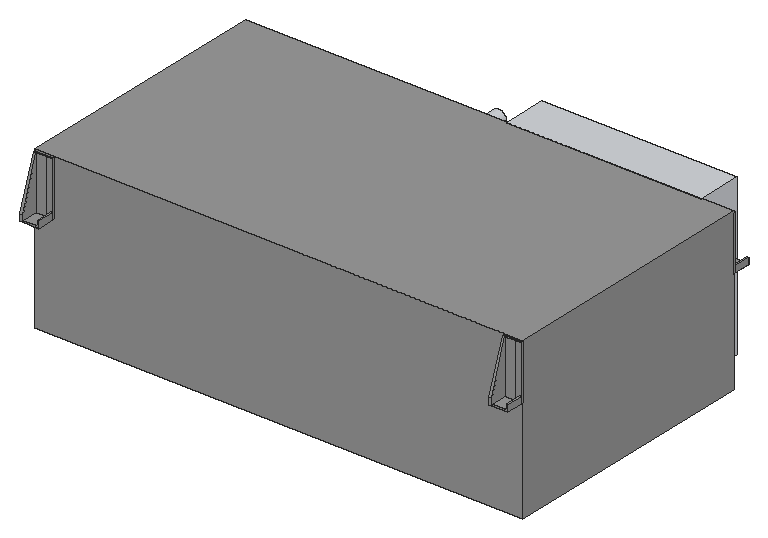
Revit family "НЕВАТОМ_Neiva 2 подвесная С-W-R 600, Версия 2", category Оборудование, Revit 2017
Family settings
  Размер круглого соединителя = Использовать диаметр
  Тип детали = Нормальный
  На основе рабочей плоскости = Да
  Всегда вертикально = Нет
  При загрузке вырезать с полостями = Нет
  Общий = Нет
  Точка расчета площади = Нет
Parameters (values of type "C-600-W-R")
  расстояние справа от щита = 592 mm
  расстояние до щита = 0 mm
  п5 = 468 mm
  п4 = 418 mm
  п3 = 230 mm
  п2 = 178 mm
  п1 = 128 mm
  длина щита = 440 mm
  длина ПВУ = 1100 mm
  глубина щита = 100 mm
  глубина ПВУ = 594 mm
  высота щита = 360 mm
  высота ПВУ = 360 mm
  вводный канал с = 945 mm
  вводный канал а = 946 mm
  вводный канал d = 255.081 mm
  вводный канал b = 68 mm
  Питание, В = "220"
  Default Elevation = 0 mm
  А6 = 270 mm
  s = 16.514 mm
  m = 38.324 mm
  k  длина = 313 mm
  g6 = 200 mm
  g5 = 240 mm
  g4 = 75 mm
  g3 = 130 mm
  g1 = 18 mm
  f6 = 24.614 mm
  f5 = 64.614 mm
  f4 = 63.91 mm
  f3 = 44.614 mm
  f2 = 44.614 mm
  f1 = 39.65 mm
  d вниз = 60 mm
  c низ влево = 620 mm
  b4 = 75 mm
  b3 = 126 mm
  b2 = 174 mm
  b1 = 272 mm
  b вверх = 80 mm
  a влево = 578 mm
  PG = 0 mm
  Nevatom_Регулятор воздуха = ""
  Nevatom_Производительность = ""
  Nevatom_Напорная характеристика, Р1 = 200.0 Pa
  Nevatom_Напорная характеристика, P = 0.0 Pa
  Nevatom_Мощность нагревателя = 0 W
  Nevatom_Для задания электроснабжения = ""
  Nevatom_URL = ""
  Nevatom_Q1, м³/ч = 2880.0 m³/h
  Nevatom_Q, м³/ч = 1800.0 m³/h
  ADSK_Ток = 1.26 A
  ADSK_Температура воздуха на выходе из нагревателя = 70 °C
  ADSK_Температура воздуха на входе в нагреватель = 90 °C
  ADSK_Расход жидкости = 0.62 m³/h
  ADSK_Расход воздуха = 0.0 m³/h
  ADSK_Размер_Ширина = глубина ПВУ  # 594 mm
  ADSK_Размер_Длина = длина ПВУ  # 1100 mm
  ADSK_Размер_Высота = высота ПВУ  # 360 mm
  ADSK_Потеря давления воздуха = 0.0 Pa
  ADSK_Полная мощность = ADSK_Номинальная мощность / ADSK_Коэффициент мощности  # 210 VA
  ADSK_Позиция = ""
  ADSK_Номинальная мощность = 168 W
  ADSK_Напряжение = 220 V
  ADSK_Наименование = "C-600-W-R"
  ADSK_Материал наименование = "сталь оцинкованная крашенная"
  ADSK_Марка = "C-600-W-R"
  ADSK_Коэффициент мощности = 0.8  # constant formula
  ADSK_Количество фаз числовое = 3
  ADSK_Количество фаз = 3
  ADSK_Количество = 1  # constant formula
  ADSK_Код изделия = ""
  ADSK_Завод-изготовитель = "НЕВАТОМ"  # constant formula
  ADSK_Единица измерения = "шт"
  A1 = 500 mm
Reference planes
  plane 1 "По центру (Вперед/Назад)": y = 0
  plane 2: z = 0
  plane 3 "По центру (Влево/Вправо)": x = 0
  plane 4: y = 682.601
  plane 5: y = 88.601
  plane 6: x = -730
  plane 7: x = 370
  plane 8: y = -11.399
  plane 9: x = -662
  plane 10: z = 360
  plane 11: x = -222
  plane 12: z = 0
  plane 13: z = 0
  plane 14: z = 360
  plane 15: y = 682.601
Forms (mm)
  Extrusion 1, solid, material "Сталь, окрашенная, слоновая кость, матовая"
    sketch origin (0, 0, 0) x (1, 0, 0) y (0, 1, 0)
      loop
        line (-730, 682.601) -> (-730, 88.601) -> (370, 88.601) -> (370, 682.601) -> (-730, 682.601)
    from 0 to 360
  Extrusion 2, solid
    sketch origin (520, 771.201, 0) x (1, 0, 0) y (0, 1, 0)
      loop
        line (-662, 11.399) -> (-662, -88.601) -> (-222, -88.601) -> (-222, 11.399) -> (-662, 11.399)
    from 0 to 360
Dimensions and locks
  plane 6 to plane 3 "По центру (Влево/Вправо)" to plane 7 = 730 mm, 370 mm
  "длина ПВУ": plane 6 to plane 7
  plane 4 to plane 5 to plane 1 "По центру (Вперед/Назад)" = 594 mm, 88.601 mm
  "глубина ПВУ": plane 4 to plane 5
  "глубина щита": plane 5 to plane 8
  "расстояние справа от щита": plane 11 to plane 7
  "высота ПВУ": plane 10 to level
  plane 12 to level = 0 mm
  "расстояние до щита": plane 13 to plane 12
  "высота щита": plane 14 to plane 13
  "длина щита": plane 11 to plane 9
  aligned and locked: level to plane 2
  aligned and locked: Extrusion 1 sketch curve to plane 4
  aligned and locked: plane 6 to Extrusion 1 sketch curve
  aligned and locked: Extrusion 1 sketch curve to plane 7
  aligned and locked: Extrusion 1 to plane 5
  aligned and locked: Extrusion 1 to plane 10
Automatic sketch dimensions
  Extrusion 1 sketch curve to plane 5 = 0 mm
  Extrusion 2 sketch curve to plane 4 = 0 mm
  plane 11 to Extrusion 2 sketch curve = 80 mm
  Extrusion 2 sketch curve to plane 7 = 72 mm
  plane 4 to Extrusion 2 sketch curve = 100 mm
Nested families
  nested 1: "кронштейн" at (-707.156, 69.201, 360) x (1, 0, 0) z (0, 0, -1), type "кронштейн"
  nested 2: "кронштейн" at (350.844, 69.201, 360) x (1, 0, 0) z (0, 0, -1), type "кронштейн"
  nested 3: "кронштейн" at (-707.156, 702, 360) x (1, 0, 0) z (0, 0, -1), type "кронштейн"
  nested 4: "кронштейн" at (350.844, 702, 360) x (1, 0, 0) z (0, 0, -1), type "кронштейн"
  nested 5: "патрубок NWP" at (-252, 682.601, 280) x (1, 0, 0) z (0, 1, 0), type "патрубок NWP"
  nested 6: "патрубок NWP" at (-210, 682.601, 60) x (1, 0, 0) z (0, 1, 0), type "патрубок NWP"
  nested 7: "кабельный ввод PG16" at (-142, 732.601, 174) x (0, 1, 0) z (-1, 0, 0), type "PG16"
  nested 8: "кабельный ввод PG16" at (-142, 732.601, 50) x (0, 1, 0) z (-1, 0, 0), type "PG16"
  nested 9: "кабельный ввод PG11" at (-142, 731.879, 130) x (0, 1, 0) z (-1, 0, 0), type "PG11"
  nested 10: "кабельный ввод PG16" at (-142, 732.601, 217.296) x (0, 1, 0) z (-1, 0, 0), type "PG16"
  nested 11: "кабельный ввод PG16" at (-142, 732.601, 260.592) x (0, 1, 0) z (-1, 0, 0), type "PG16"
  nested 12: "выключатель пластик" at (293, 738.015, 125) x (0, -1, 0) z (1, 0, 0), type "выключатель пластик"
  nested 13: "кабельный ввод PG16" at (298, 732.601, 40) x (0, 1, 0) z (1, 0, 0), type "PG16"
  nested 14: "кабельный ввод PG21" at (208, 727.001, 0) x (-1, 0, 0) z (0, 0, -1), type "PG21"
  nested 15: "кабельный ввод PG11" at (148, 727.001, 0) x (-1, 0, 0) z (0, 0, -1), type "PG11"
  nested 16: "кабельный ввод PG11" at (78, 727.001, 0) x (-1, 0, 0) z (0, 0, -1), type "PG11"
  nested 17: "кабельный ввод PG11" at (-112, 707.001, 0) x (-1, 0, 0) z (0, 0, -1), type "PG11"
  nested 18: "кабельный ввод PG11" at (-62, 727.001, 0) x (-1, 0, 0) z (0, 0, -1), type "PG11"
  nested 19: "термостат" at (-341, 721.601, 255.121) x (-1, 0, 0) z (0, -1, 0), type "термостат"
  nested 20: "кабельный ввод PG11" at (-580.315, 682.601, 80.986) x (1, 0, 0) z (0, 1, 0), type "PG11"
  nested 21: "кабельный ввод PG11" at (-580.315, 682.601, 130.986) x (1, 0, 0) z (0, 1, 0), type "PG11"
  nested 22: "кабельный ввод PG11" at (-580.315, 682.601, 180.986) x (1, 0, 0) z (0, 1, 0), type "PG11"
  nested 23: "кабельный ввод PG11" at (-112, 752.001, 0) x (-1, 0, 0) z (0, 0, -1), type "PG11"
Connectors
  hvac at (370, 385.601, 180), driven by "А6", driven by "A1", driven by "ADSK_Расход воздуха", driven by "ADSK_Потеря давления воздуха"
    settings: on Extrusion 1, index 1, duct flow 0.0 m³/h, flow factor 0, pres drop 0.0 Pa, loss coef 0, conn angle 0.00°, conn width 500 mm, conn height 270 mm, conn diameter 609.6 mm, duct sys type 29, conn prof type 1, flow config 0, flow direction 1, loss method 4, conn ref index 2, conn util no, is conn primary yes, conn desc ""
  hvac at (-730, 385.601, 180), driven by "А6", driven by "A1", driven by "ADSK_Расход воздуха", driven by "ADSK_Потеря давления воздуха"
    settings: on Extrusion 1, index 2, duct flow 0.0 m³/h, flow factor 0, pres drop 0.0 Pa, loss coef 0, conn angle 0.00°, conn width 500 mm, conn height 270 mm, conn diameter 609.6 mm, duct sys type 1, conn prof type 1, flow config 2, flow direction 2, loss method 4, conn ref index 1, conn util no, is conn primary no, conn desc ""
  piping at (-252, 798.601, 280), diameter 30
    settings: on nested 5, index 3, connector inside diameter 609.6 mm, connector length 0 mm, flow factor 0, pipe flow 0.0 m³/h, pressure drop 0.0 Pa, fitting loss kfactor 0, connector angle 0.00°, fixture units 0, engagement length 0 mm, angle of deflection 0.00°, flow configuration 0, flow direction 0, fitting loss method 0, system type 19, joint type 0, gender type 0, connector reference index -1, connector utility 0, adjustable connector no, is connector primary yes, connector description ""
  piping at (-210, 798.601, 60), diameter 30
    settings: on nested 6, index 4, connector inside diameter 609.6 mm, connector length 0 mm, flow factor 0, pipe flow 0.0 m³/h, pressure drop 0.0 Pa, fitting loss kfactor 0, connector angle 0.00°, fixture units 0, engagement length 0 mm, angle of deflection 0.00°, flow configuration 0, flow direction 0, fitting loss method 0, system type 19, joint type 0, gender type 0, connector reference index -1, connector utility 0, adjustable connector no, is connector primary no, connector description ""
  electrical at (298, 732.601, 40)
    settings: on nested 13, index 5, voltage 0 V, apparent load 0 VA, apparent load phase1 0 VA, apparent load phase2 0 VA, apparent load phase3 0 VA, power factor 1, load classification "Прочее", number of poles 1, system type 5, power factor state 1, is connector primary yes, connector utility no, sub classification motor no, connector description ""
  electrical at (208, 727.001, 0), driven by "ADSK_Количество фаз", driven by "ADSK_Напряжение", driven by "ADSK_Полная мощность", driven by "ADSK_Коэффициент мощности"
    settings: on nested 14, index 6, voltage 220 V, apparent load 0 VA, apparent load phase1 210 VA, apparent load phase2 0 VA, apparent load phase3 0 VA, power factor 0.8, load classification "Прочее", number of poles 3, system type 31, power factor state 1, is connector primary no, connector utility no, sub classification motor no, connector description ""
  electrical at (148, 727.001, 0)
    settings: on nested 15, index 7, voltage 0 V, apparent load 0 VA, apparent load phase1 0 VA, apparent load phase2 0 VA, apparent load phase3 0 VA, power factor 1, load classification "Прочее", number of poles 1, system type 5, power factor state 1, is connector primary no, connector utility no, sub classification motor no, connector description ""
  electrical at (78, 727.001, 0)
    settings: on nested 16, index 8, voltage 0 V, apparent load 0 VA, apparent load phase1 0 VA, apparent load phase2 0 VA, apparent load phase3 0 VA, power factor 1, load classification "Прочее", number of poles 1, system type 14, power factor state 1, is connector primary no, connector utility no, sub classification motor no, connector description ""
  electrical at (-62, 727.001, 0)
    settings: on nested 18, index 9, voltage 0 V, apparent load 0 VA, apparent load phase1 0 VA, apparent load phase2 0 VA, apparent load phase3 0 VA, power factor 1, load classification "Прочее", number of poles 1, system type 14, power factor state 1, is connector primary no, connector utility no, sub classification motor no, connector description ""
  electrical at (-112, 707.001, 0)
    settings: on nested 17, index 10, voltage 0 V, apparent load 0 VA, apparent load phase1 0 VA, apparent load phase2 0 VA, apparent load phase3 0 VA, power factor 1, load classification "Прочее", number of poles 1, system type 14, power factor state 1, is connector primary no, connector utility no, sub classification motor no, connector description ""
  electrical at (-112, 752.001, 0)
    settings: on nested 23, index 11, voltage 0 V, apparent load 0 VA, apparent load phase1 0 VA, apparent load phase2 0 VA, apparent load phase3 0 VA, power factor 1, load classification "Прочее", number of poles 1, system type 14, power factor state 1, is connector primary no, connector utility no, sub classification motor no, connector description ""
  electrical at (-142, 732.601, 50)
    settings: on nested 8, index 12, voltage 0 V, apparent load 0 VA, apparent load phase1 0 VA, apparent load phase2 0 VA, apparent load phase3 0 VA, power factor 1, load classification "Прочее", number of poles 1, system type 5, power factor state 1, is connector primary no, connector utility no, sub classification motor no, connector description ""
  electrical at (-142, 731.879, 130)
    settings: on nested 9, index 13, voltage 0 V, apparent load 0 VA, apparent load phase1 0 VA, apparent load phase2 0 VA, apparent load phase3 0 VA, power factor 1, load classification "Прочее", number of poles 1, system type 14, power factor state 1, is connector primary no, connector utility no, sub classification motor no, connector description ""
  electrical at (-142, 732.601, 174)
    settings: on nested 7, index 14, voltage 0 V, apparent load 0 VA, apparent load phase1 0 VA, apparent load phase2 0 VA, apparent load phase3 0 VA, power factor 1, load classification "Прочее", number of poles 1, system type 14, power factor state 1, is connector primary no, connector utility no, sub classification motor no, connector description ""
  electrical at (-142, 732.601, 217.296)
    settings: on nested 10, index 15, voltage 0 V, apparent load 0 VA, apparent load phase1 0 VA, apparent load phase2 0 VA, apparent load phase3 0 VA, power factor 1, load classification "Прочее", number of poles 1, system type 14, power factor state 1, is connector primary no, connector utility no, sub classification motor no, connector description ""
  electrical at (-142, 732.601, 260.592)
    settings: on nested 11, index 16, voltage 0 V, apparent load 0 VA, apparent load phase1 0 VA, apparent load phase2 0 VA, apparent load phase3 0 VA, power factor 1, load classification "Прочее", number of poles 1, system type 14, power factor state 1, is connector primary no, connector utility no, sub classification motor no, connector description ""
Definition of nested family "кронштейн"
  Reference planes
    plane 1 "По центру (Вперед/Назад)": y = 0
    plane 2: z = 0
    plane 3 "По центру (Влево/Вправо)": x = 0
  Forms (mm)
    Extrusion 1, solid
      sketch origin (-545.844, 366.399, 0) x (0, 1, 0) y (0, 0, 1)
        loop
          line (-351.118, 126.794) -> (-389, 126.794) -> (-389, 111.794) -> (-351.118, 3.126) -> (-351.118, 126.794)
      from 523 to 527.712
    Extrusion 2, solid
      sketch origin (-545.844, 301.399, 0) x (1, 0, 0) y (0, 0, 1)
        loop
          line (557.712, 126.794) -> (557.712, 123.742) -> (561.763, 123.742) -> (561.763, 111.794) -> (565, 111.794) -> (565, 126.794) -> (557.712, 126.794)
      from 286.118 to 324
    Extrusion 3, solid
      sketch origin (-545.844, 301.399, 20) x (1, 0, 0) y (0, 0, 1)
        loop
          line (565, -16.874) -> (565, 106.794) -> (553, 106.794) -> (553, -16.874) -> (565, -16.874)
      from 282 to 286.118
    Extrusion 4, solid
      sketch origin (-545.844, 301.399, 20) x (1, 0, 0) y (0, 0, 1)
        loop
          line (565, -16.874) -> (565, 106.794) -> (523, 106.794) -> (523, -16.874) -> (565, -16.874)
      from 282 to 286.118
    Extrusion 5, solid
      sketch origin (-545.844, 301.399, 0) x (1, 0, 0) y (0, 0, 1)
        loop
          line (527.712, 126.794) -> (527.712, 123.742) -> (561.763, 123.742) -> (561.763, 111.794) -> (565, 111.794) -> (565, 126.794) -> (527.712, 126.794)
      from 286.118 to 324
  Dimensions and locks
    aligned and locked: level to plane 2
Definition of nested family "патрубок NWP"
  Parameters (values of type "патрубок NWP")
    Default Elevation = 1219.2 mm
    d = 35 mm
    H = 116 mm
    D1 = 33 mm
    D патрубка = 33 mm
    D = 65 mm
  Reference planes
    plane 1 "По центру (Вперед/Назад)": y = 0
    plane 2: z = 0
    plane 3 "По центру (Влево/Вправо)": x = 0
    plane 4: z = 116
  Forms (mm)
    Extrusion 1, solid
      sketch origin (0, 0, 0) x (1, 0, 0) y (0, 1, 0)
        loop
          circle (0, 0) r 17.5
        loop
          circle (0, 0) r 32.5
        loop
          circle (0, 25.572) r 2.341
        loop
          circle (25.506, 0) r 2.503
        loop
          circle (0, -25.338) r 2.519
        loop
          circle (-26.427, 0) r 2.503
      from 0 to 2
    Extrusion 2, solid
      sketch origin (0, 0, 0) x (1, 0, 0) y (0, 1, 0)
        loop
          circle (0, 0) r 16.5
      from 0 to 116
  Dimensions and locks
    "H": plane 4 to level
    "D": diameter of Extrusion 1 sketch curve
    "d": diameter of Extrusion 1 sketch curve
    "D1": diameter of Extrusion 2 sketch curve
    "D патрубка": diameter of Extrusion 2
    aligned and locked: level to plane 2
    aligned and locked: plane 4 to Extrusion 2
    aligned and locked: Extrusion 1 to level
  Automatic sketch dimensions
    Extrusion 1 sketch curve to Extrusion 1 sketch curve = 0 mm  (x2)
    plane 1 "По центру (Вперед/Назад)" to Extrusion 1 sketch curve = 0 mm  (x3)
    Extrusion 1 sketch curve to plane 3 "По центру (Влево/Вправо)" = 0 mm  (x3)
    Extrusion 1 sketch curve to plane 3 "По центру (Влево/Вправо)" = 26.427 mm
    plane 3 "По центру (Влево/Вправо)" to Extrusion 1 sketch curve = 25.506 mm
    plane 1 "По центру (Вперед/Назад)" to Extrusion 1 sketch curve = 25.338 mm
    Extrusion 1 sketch curve to plane 1 "По центру (Вперед/Назад)" = 25.572 mm
    plane 1 "По центру (Вперед/Назад)" to Extrusion 2 sketch curve = 0 mm
    Extrusion 2 sketch curve to plane 3 "По центру (Влево/Вправо)" = 0 mm
    radius of Extrusion 1 sketch curve = 2.341 mm
    radius of Extrusion 1 sketch curve = 2.503 mm  (x2)
    radius of Extrusion 1 sketch curve = 2.519 mm
Definition of nested family "кабельный ввод PG16"
  Parameters (values of type "PG16")
    Default Elevation = 1219.2 mm
    d = 10 mm
    b = 25.371 mm
    a = 21.972 mm
    H = 28 mm
  Reference planes
    plane 1 "По центру (Вперед/Назад)": y = 0
    plane 2: z = 0
    plane 3 "По центру (Влево/Вправо)": x = 0
    plane 4: z = 28
    plane 5: z = 18
  Forms (mm)
    Blend 1, solid
      base sketch origin (0, 0, 0) x (1, 0, 0) y (0, 1, 0)
        loop
          circle (0, 0) r 10
      top sketch origin (0, 0, 0) x (1, 0, 0) y (0, 1, 0)
        loop
          circle (0, 0) r 5
      from 18 to 28
    Extrusion 2, void
      sketch origin (0, 0, 0) x (1, 0, 0) y (0, 1, 0)
        loop
          circle (0, 0) r 5.415
      from 0 to 28
    Extrusion 3, solid
      sketch origin (0, 0, 0) x (1, 0, 0) y (0, 1, 0)
        loop
          circle (0, 0) r 5.415
        loop
          line (13.498, 0) -> (6.749, 11.69) -> (-6.749, 11.69) -> (-13.498, 0) -> (-6.749, -11.69) -> (6.749, -11.69) -> (13.498, 0)
      from 0 to 18
  Cuts and joins
    Extrusion 2 cuts Blend 1
  Dimensions and locks
    "H": plane 4 to level
    aligned and locked: level to plane 2
  Automatic sketch dimensions
    plane 1 "По центру (Вперед/Назад)" to Blend 1 sketch curve = 0 mm  (x2)
    Blend 1 sketch curve to plane 3 "По центру (Влево/Вправо)" = 0 mm  (x2)
    plane 1 "По центру (Вперед/Назад)" to Extrusion 2 sketch curve = 0 mm
    Extrusion 2 sketch curve to plane 3 "По центру (Влево/Вправо)" = 0 mm
    plane 1 "По центру (Вперед/Назад)" to Extrusion 3 sketch curve = 0 mm
    Extrusion 3 sketch curve to plane 3 "По центру (Влево/Вправо)" = 0 mm
    radius of Blend 1 sketch curve = 5 mm
    radius of Extrusion 2 sketch curve = 5.415 mm
    radius of Blend 1 sketch curve = 10 mm
    radius of Extrusion 3 sketch curve = 5.415 mm
Definition of nested family "кабельный ввод PG11"
  Parameters (values of type "PG11")
    Default Elevation = 1219.2 mm
    d = 10 mm
    b = 25.371 mm
    a = 21.972 mm
    H = 26 mm
  Types (4, lengths in mm): name | H
    (no name) | 26
    PG11 | 26
    PG16 | 28
    PG21 | 33
  Reference planes
    plane 1 "По центру (Вперед/Назад)": y = 0
    plane 2: z = 0
    plane 3 "По центру (Влево/Вправо)": x = 0
    plane 4: z = 26
    plane 5: z = 18
    plane 6: x = -12.685
  Forms (mm)
    Extrusion 1, solid
      sketch origin (0, 0, 0) x (1, 0, 0) y (0, 1, 0)
        loop
          line (12.685, 0) -> (6.343, 10.986) -> (-6.343, 10.986) -> (-12.685, 0) -> (-6.343, -10.986) -> (6.343, -10.986) -> (12.685, 0)
        loop
          circle (0, 0) r 5
      from 0 to 18
    Blend 2, solid
      base sketch origin (0, 0, 0) x (1, 0, 0) y (0, 1, 0)
        loop
          circle (0, 0) r 10
      top sketch origin (0, 0, 0) x (1, 0, 0) y (0, 1, 0)
        loop
          circle (0, 0) r 5
      from 18 to 26
    Extrusion 3, void
      sketch origin (0, 0, 0) x (1, 0, 0) y (0, 1, 0)
        loop
          circle (0, 0) r 5.415
      from 0 to 26
  Cuts and joins
    Extrusion 3 cuts Extrusion 1
    Extrusion 3 cuts Blend 2
  Dimensions and locks
    "H": plane 4 to level
    aligned and locked: level to plane 2
  Automatic sketch dimensions
    plane 1 "По центру (Вперед/Назад)" to Extrusion 1 sketch curve = 0 mm  (x3)
    Extrusion 1 sketch curve to plane 6 = 0 mm
    Extrusion 1 sketch curve to plane 3 "По центру (Влево/Вправо)" = 0 mm
    Extrusion 1 sketch curve to plane 3 "По центру (Влево/Вправо)" = 6.343 mm  (x2)
    plane 3 "По центру (Влево/Вправо)" to Extrusion 1 sketch curve = 6.343 mm  (x2)
    Extrusion 1 sketch curve to Extrusion 1 sketch curve = 6.343 mm
    plane 1 "По центру (Вперед/Назад)" to Extrusion 1 sketch curve = 10.986 mm
    Extrusion 1 sketch curve to plane 1 "По центру (Вперед/Назад)" = 10.986 mm
    plane 1 "По центру (Вперед/Назад)" to Blend 2 sketch curve = 0 mm  (x2)
    Blend 2 sketch curve to plane 3 "По центру (Влево/Вправо)" = 0 mm  (x2)
    plane 1 "По центру (Вперед/Назад)" to Extrusion 3 sketch curve = 0 mm
    Extrusion 3 sketch curve to plane 3 "По центру (Влево/Вправо)" = 0 mm
    radius of Extrusion 1 sketch curve = 5 mm
    radius of Blend 2 sketch curve = 10 mm
    radius of Blend 2 sketch curve = 5 mm
    radius of Extrusion 3 sketch curve = 5.415 mm
Definition of nested family "выключатель пластик"
  Parameters (values of type "выключатель пластик")
    Default Elevation = 1219.2 mm
    h = 18 mm
    b = 44 mm
    a = 44 mm
  Reference planes
    plane 1 "По центру (Вперед/Назад)": y = 0
    plane 2: z = 0
    plane 3 "По центру (Влево/Вправо)": x = 0
    plane 4: x = -22
    plane 5: x = 22
    plane 6: y = -22
    plane 7: y = 22
    plane 8: z = 18
  Forms (mm)
    Extrusion 1, solid
      sketch origin (0, 0, 0) x (1, 0, 0) y (0, 1, 0)
        loop
          line (-22, 22) -> (-22, -22) -> (22, -22) -> (22, 22) -> (-22, 22)
      from 5 to 10
    Extrusion 2, solid
      sketch origin (0, 0, 0) x (1, 0, 0) y (0, 1, 0)
        loop
          circle (0, 0) r 17.083
        loop
          circle (0, 0) r 13.032
      from 10 to 20
    Extrusion 3, solid
      sketch origin (0, 0, 0) x (1, 0, 0) y (0, 1, 0)
        loop
          line (-1.523, -13.032) -> (1.565, -13.032) -> (1.565, 12.938) -> (-1.523, 12.938) -> (-1.523, -13.032)
      from 5 to 20
  Cuts and joins
    joined: Extrusion 1, Extrusion 2
  Dimensions and locks
    equal spacing: plane 7, plane 1 "По центру (Вперед/Назад)", plane 6
    "a": plane 7 to plane 6
    equal spacing: plane 4, plane 3 "По центру (Влево/Вправо)", plane 5
    "b": plane 4 to plane 5
    "h": plane 8 to level
    aligned and locked: level to plane 2
  Automatic sketch dimensions
    Extrusion 1 sketch curve to plane 4 = 0 mm
    Extrusion 1 sketch curve to plane 5 = 0 mm
    Extrusion 1 sketch curve to plane 6 = 0 mm
    Extrusion 1 sketch curve to plane 7 = 0 mm
    Extrusion 2 sketch curve to Extrusion 2 sketch curve = 0 mm  (x2)
    plane 1 "По центру (Вперед/Назад)" to Extrusion 2 sketch curve = 0 mm
    Extrusion 2 sketch curve to plane 3 "По центру (Влево/Вправо)" = 0 mm
    Extrusion 3 sketch curve to plane 3 "По центру (Влево/Вправо)" = 1.523 mm
    plane 3 "По центру (Влево/Вправо)" to Extrusion 3 sketch curve = 1.565 mm
    plane 6 to Extrusion 3 sketch curve = 8.968 mm
    Extrusion 3 sketch curve to plane 7 = 9.062 mm
    radius of Extrusion 2 sketch curve = 17.083 mm
    radius of Extrusion 2 sketch curve = 13.032 mm
Definition of nested family "кабельный ввод PG21"
  Parameters (values of type "PG11")
    Default Elevation = 1219.2 mm
    d = 10 mm
    b = 25.371 mm
    a = 21.972 mm
    H = 32 mm
  Types (4, lengths in mm): name | H
    (no name) | 26
    PG11 | 32
    PG16 | 28
    PG21 | 33
  Reference planes
    plane 1 "По центру (Вперед/Назад)": y = 0
    plane 2: z = 0
    plane 3 "По центру (Влево/Вправо)": x = 0
    plane 4: z = 32
    plane 5: z = 18
  Forms (mm)
    Blend 1, solid
      base sketch origin (0, 0, 0) x (1, 0, 0) y (0, 1, 0)
        loop
          circle (0, 0) r 14
      top sketch origin (0, 0, 0) x (1, 0, 0) y (0, 1, 0)
        loop
          circle (0, 0) r 5
      from 22.641 to 32
    Extrusion 2, void
      sketch origin (0, 0, 0) x (1, 0, 0) y (0, 1, 0)
        loop
          circle (0, 0) r 5.415
      from 0 to 32
    Extrusion 3, solid
      sketch origin (0, 0, 0) x (0.999848, 0.017452, 0) y (-0.017452, 0.999848, 0)
        loop
          circle (0, 0) r 6.071
        loop
          line (18.415, -0.321) -> (9.486, 15.787) -> (-8.929, 16.108) -> (-18.415, 0.321) -> (-9.486, -15.787) -> (8.929, -16.108) -> (18.415, -0.321)
      from 0 to 22.641
  Cuts and joins
    Extrusion 2 cuts Blend 1
  Dimensions and locks
    "H": plane 4 to level
    aligned and locked: level to plane 2
  Automatic sketch dimensions
    plane 1 "По центру (Вперед/Назад)" to Blend 1 sketch curve = 0 mm  (x2)
    Blend 1 sketch curve to plane 3 "По центру (Влево/Вправо)" = 0 mm  (x2)
    plane 1 "По центру (Вперед/Назад)" to Extrusion 2 sketch curve = 0 mm
    Extrusion 2 sketch curve to plane 3 "По центру (Влево/Вправо)" = 0 mm
    plane 1 "По центру (Вперед/Назад)" to Extrusion 3 sketch curve = 0 mm  (x3)
    Extrusion 3 sketch curve to plane 3 "По центру (Влево/Вправо)" = 0 mm
    Extrusion 3 sketch curve to Extrusion 3 sketch curve = 9.486 mm  (x2)
    Extrusion 3 sketch curve to Extrusion 3 sketch curve = 0.321 mm
    Extrusion 3 sketch curve to Extrusion 3 sketch curve = 8.929 mm  (x2)
    Extrusion 3 sketch curve to Extrusion 3 sketch curve = 18.415 mm  (x2)
    Extrusion 3 sketch curve to Extrusion 3 sketch curve = 16.108 mm  (x2)
    Extrusion 3 sketch curve to Extrusion 3 sketch curve = 15.787 mm
    radius of Blend 1 sketch curve = 14 mm
    radius of Blend 1 sketch curve = 5 mm
    radius of Extrusion 2 sketch curve = 5.415 mm
    radius of Extrusion 3 sketch curve = 6.071 mm
Definition of nested family "термостат"
  Parameters (values of type "термостат")
    Default Elevation = 1219.2 mm
    h = 39 mm
    b = 61 mm
    a = 74 mm
  Reference planes
    plane 1 "По центру (Вперед/Назад)": y = 0
    plane 2: z = 0
    plane 3 "По центру (Влево/Вправо)": x = 0
    plane 4: y = 30.5
    plane 5: x = 37
    plane 6: x = -37
    plane 7: y = -30.5
    plane 8: z = 39
  Forms (mm)
    Extrusion 1, solid
      sketch origin (0, 0, 0) x (1, 0, 0) y (0, 1, 0)
        loop
          line (-37, -30.5) -> (37, -30.5) -> (37, 30.5) -> (-37, 30.5) -> (-37, -30.5)
      from 0 to 39
    Extrusion 2, solid
      sketch origin (0, 0, 0) x (1, 0, 0) y (0, 0, 1)
        loop
          circle (15.272, 16.546) r 15
      from 30.5 to 43.051
    Extrusion 3, solid
      sketch origin (0, 0, 0) x (1, 0, 0) y (0, 0, 1)
        loop
          circle (-17.283, 28.063) r 2.025
      from -54.437 to -30.5
  Dimensions and locks
    "h": plane 8 to level
    equal spacing: plane 6, plane 3 "По центру (Влево/Вправо)", plane 5
    "a": plane 6 to plane 5
    equal spacing: plane 4, plane 1 "По центру (Вперед/Назад)", plane 7
    "b": plane 4 to plane 7
    aligned and locked: level to plane 2
  Automatic sketch dimensions
    Extrusion 1 sketch curve to plane 4 = 0 mm
    Extrusion 1 sketch curve to plane 6 = 0 mm
    Extrusion 1 sketch curve to plane 5 = 0 mm
    Extrusion 1 sketch curve to plane 7 = 0 mm
    plane 3 "По центру (Влево/Вправо)" to Extrusion 2 sketch curve = 15.272 mm
    level to Extrusion 2 sketch curve = 16.546 mm
    Extrusion 3 sketch curve to plane 3 "По центру (Влево/Вправо)" = 17.283 mm
    Extrusion 3 sketch curve to plane 8 = 10.937 mm
    radius of Extrusion 2 sketch curve = 15 mm
    radius of Extrusion 3 sketch curve = 2.025 mm
